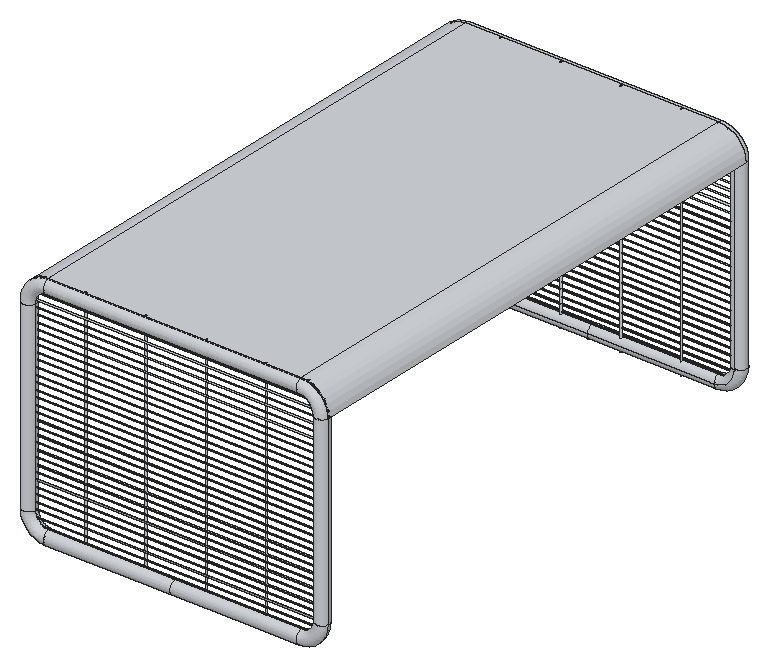
Revit family "48 X Cart_Attic (Tall) - 2012", category Generic Models, host Floor, Revit 2011
Parameters
  URL = "http://www.wengercorp.com/Home/Contact.html"
  Part Number = "240A024"
  Manufacturer = "Wenger Corporation"
  Length = 80.40684"
  Keynote = "Wenger Gear Boss Carts"
  Description = "48\" X Cart Attic (tall)"
  Attic Hieight [instance] = 35 5/8"
  Assembly Code = ""
Reference planes (in)
  plane 1 "Center (Front/Back)": y = 0
  plane 2: z = 0
  plane 3 "Center (Left/Right)": x = 0
  plane 4 "Top of Cart": z = 78.99185
  plane 5 "Top Of Attic": z = 114.61685
Forms (in)
  Extrusion 1, solid
    sketch origin (23.75, 0, 88.90699) x (0, -1, 0) y (0, 0, 1)
      loop
        line (38.94147, -7.71744) -> (38.7842, -7.75958) -> (38.89933, -7.8747) -> (38.94147, -7.71744)
    from 2.42735 to 45.5
  Extrusion 2, solid
    sketch origin (23.75, 0, 88.90699) x (0, -1, 0) y (0, 0, 1)
      loop
        line (38.94147, -6.71744) -> (38.7842, -6.75958) -> (38.89933, -6.8747) -> (38.94147, -6.71744)
    from 2.42735 to 45.5
  Extrusion 3, solid
    sketch origin (23.75, 0, 88.90699) x (0, -1, 0) y (0, 0, 1)
      loop
        line (38.94147, -5.71744) -> (38.7842, -5.75958) -> (38.89933, -5.8747) -> (38.94147, -5.71744)
    from 2.42735 to 45.5
  Extrusion 4, solid
    sketch origin (23.75, 0, 88.90699) x (0, -1, 0) y (0, 0, 1)
      loop
        line (38.94147, -4.71744) -> (38.7842, -4.75958) -> (38.89933, -4.8747) -> (38.94147, -4.71744)
    from 2.42735 to 45.5
  Extrusion 5, solid
    sketch origin (23.75, 0, 88.90699) x (0, -1, 0) y (0, 0, 1)
      loop
        line (38.94147, -3.71744) -> (38.7842, -3.75958) -> (38.89933, -3.8747) -> (38.94147, -3.71744)
    from 2.42735 to 45.5
  Extrusion 6, solid
    sketch origin (23.75, 0, 88.90699) x (0, -1, 0) y (0, 0, 1)
      loop
        line (38.94147, -2.71744) -> (38.7842, -2.75958) -> (38.89933, -2.8747) -> (38.94147, -2.71744)
    from 2.42735 to 45.5
  Extrusion 7, solid
    sketch origin (23.75, 0, 88.90699) x (0, -1, 0) y (0, 0, 1)
      loop
        line (38.94147, -1.71744) -> (38.7842, -1.75958) -> (38.89933, -1.8747) -> (38.94147, -1.71744)
    from 2.42735 to 45.5
  Extrusion 8, solid
    sketch origin (23.75, 0, 88.90699) x (0, -1, 0) y (0, 0, 1)
      loop
        line (38.94147, -0.71744) -> (38.7842, -0.75958) -> (38.89933, -0.8747) -> (38.94147, -0.71744)
    from 2.42735 to 45.5
  Extrusion 9, solid
    sketch origin (23.75, 0, 88.90699) x (0, -1, 0) y (0, 0, 1)
      loop
        line (38.94147, 0.28256) -> (38.7842, 0.24042) -> (38.89933, 0.1253) -> (38.94147, 0.28256)
    from 2.42735 to 45.5
  Extrusion 10, solid
    sketch origin (23.75, 0, 88.90699) x (0, -1, 0) y (0, 0, 1)
      loop
        line (38.94147, 1.28256) -> (38.7842, 1.24042) -> (38.89933, 1.1253) -> (38.94147, 1.28256)
    from 2.42735 to 45.5
  Extrusion 11, solid
    sketch origin (23.75, 0, 88.90699) x (0, -1, 0) y (0, 0, 1)
      loop
        line (38.94147, 2.28256) -> (38.7842, 2.24042) -> (38.89933, 2.1253) -> (38.94147, 2.28256)
    from 2.42735 to 45.5
  Extrusion 12, solid
    sketch origin (23.75, 0, 88.90699) x (0, -1, 0) y (0, 0, 1)
      loop
        line (38.94147, 3.28256) -> (38.7842, 3.24042) -> (38.89933, 3.1253) -> (38.94147, 3.28256)
    from 2.42735 to 45.5
  Extrusion 13, solid
    sketch origin (23.75, 0, 88.90699) x (0, -1, 0) y (0, 0, 1)
      loop
        line (38.94147, 4.28256) -> (38.7842, 4.24042) -> (38.89933, 4.1253) -> (38.94147, 4.28256)
    from 2.42735 to 45.5
  Extrusion 14, solid
    sketch origin (23.75, 0, 88.90699) x (0, -1, 0) y (0, 0, 1)
      loop
        line (38.94147, 5.28256) -> (38.7842, 5.24042) -> (38.89933, 5.1253) -> (38.94147, 5.28256)
    from 2.42735 to 45.5
  Extrusion 15, solid
    sketch origin (23.75, 0, 88.90699) x (0, -1, 0) y (0, 0, 1)
      loop
        line (38.94147, 6.28256) -> (38.7842, 6.24042) -> (38.89933, 6.1253) -> (38.94147, 6.28256)
    from 2.42735 to 45.5
  Extrusion 16, solid
    sketch origin (23.75, 0, 88.90699) x (0, -1, 0) y (0, 0, 1)
      loop
        line (38.94147, 7.28256) -> (38.7842, 7.24042) -> (38.89933, 7.1253) -> (38.94147, 7.28256)
    from 2.42735 to 45.5
  Extrusion 17, solid
    sketch origin (23.75, 0, 88.90699) x (0, -1, 0) y (0, 0, 1)
      loop
        line (38.94147, 8.28256) -> (38.7842, 8.24042) -> (38.89933, 8.1253) -> (38.94147, 8.28256)
    from 2.42735 to 45.5
  Extrusion 18, solid
    sketch origin (23.75, 0, 88.90699) x (0, -1, 0) y (0, 0, 1)
      loop
        line (38.94147, 9.28256) -> (38.7842, 9.24042) -> (38.89933, 9.1253) -> (38.94147, 9.28256)
    from 2.42735 to 45.5
  Extrusion 19, solid
    sketch origin (23.75, 0, 88.90699) x (0, -1, 0) y (0, 0, 1)
      loop
        line (38.94147, 10.28256) -> (38.7842, 10.24042) -> (38.89933, 10.1253) -> (38.94147, 10.28256)
    from 2.42735 to 45.5
  Extrusion 20, solid
    sketch origin (23.75, 0, 88.90699) x (0, -1, 0) y (0, 0, 1)
      loop
        line (38.94147, 11.28256) -> (38.7842, 11.24042) -> (38.89933, 11.1253) -> (38.94147, 11.28256)
    from 2.42735 to 45.5
  Extrusion 21, solid
    sketch origin (23.75, 0, 88.90699) x (0, -1, 0) y (0, 0, 1)
      loop
        line (38.94147, 12.28256) -> (38.7842, 12.24042) -> (38.89933, 12.1253) -> (38.94147, 12.28256)
    from 2.42735 to 45.5
  Extrusion 22, solid
    sketch origin (23.75, 0, 88.90699) x (0, -1, 0) y (0, 0, 1)
      loop
        line (38.94147, 13.28256) -> (38.7842, 13.24042) -> (38.89933, 13.1253) -> (38.94147, 13.28256)
    from 2.42735 to 45.5
  Extrusion 23, solid, not visible
    sketch origin (23.75, 0, 26.75059) x (0, 1, 0) y (0, 0, -1)
      loop
        line (-38.94147, 14.21803) -> (-38.7842, 14.26017) -> (-38.89933, 14.3753) -> (-38.94147, 14.21803)
    from 2.42735 to 45.5
  Extrusion 24, solid, not visible
    sketch origin (23.75, 0, 20.25) x (0, -1, 0) y (0, 0, 1)
      loop
        line (38.94147, -7.71744) -> (38.7842, -7.75958) -> (38.89933, -7.8747) -> (38.94147, -7.71744)
    from 2.42735 to 45.5
  Extrusion 25, solid, not visible
    sketch origin (23.75, 0, 20.25) x (0, -1, 0) y (0, 0, 1)
      loop
        line (38.94147, -6.71744) -> (38.7842, -6.75958) -> (38.89933, -6.8747) -> (38.94147, -6.71744)
    from 2.42735 to 45.5
  Extrusion 26, solid, not visible
    sketch origin (23.75, 0, 20.25) x (0, -1, 0) y (0, 0, 1)
      loop
        line (38.94147, -5.71744) -> (38.7842, -5.75958) -> (38.89933, -5.8747) -> (38.94147, -5.71744)
    from 2.42735 to 45.5
  Extrusion 27, solid, not visible
    sketch origin (23.75, 0, 20.25) x (0, -1, 0) y (0, 0, 1)
      loop
        line (38.94147, -4.71744) -> (38.7842, -4.75958) -> (38.89933, -4.8747) -> (38.94147, -4.71744)
    from 2.42735 to 45.5
  Extrusion 28, solid, not visible
    sketch origin (23.75, 0, 20.25) x (0, -1, 0) y (0, 0, 1)
      loop
        line (38.94147, -3.71744) -> (38.7842, -3.75958) -> (38.89933, -3.8747) -> (38.94147, -3.71744)
    from 2.42735 to 45.5
  Extrusion 29, solid, not visible
    sketch origin (23.75, 0, 20.25) x (0, -1, 0) y (0, 0, 1)
      loop
        line (38.94147, -2.71744) -> (38.7842, -2.75958) -> (38.89933, -2.8747) -> (38.94147, -2.71744)
    from 2.42735 to 45.5
  Extrusion 30, solid, not visible
    sketch origin (23.75, 0, 20.25) x (0, -1, 0) y (0, 0, 1)
      loop
        line (38.94147, -1.71744) -> (38.7842, -1.75958) -> (38.89933, -1.8747) -> (38.94147, -1.71744)
    from 2.42735 to 45.5
  Extrusion 31, solid, not visible
    sketch origin (23.75, 0, 20.25) x (0, -1, 0) y (0, 0, 1)
      loop
        line (38.94147, -0.71744) -> (38.7842, -0.75958) -> (38.89933, -0.8747) -> (38.94147, -0.71744)
    from 2.42735 to 45.5
  Extrusion 32, solid, not visible
    sketch origin (23.75, 0, 20.25) x (0, -1, 0) y (0, 0, 1)
      loop
        line (38.94147, 0.28256) -> (38.7842, 0.24042) -> (38.89933, 0.1253) -> (38.94147, 0.28256)
    from 2.42735 to 45.5
  Extrusion 33, solid, not visible
    sketch origin (23.75, 0, 20.25) x (0, -1, 0) y (0, 0, 1)
      loop
        line (38.94147, 1.28256) -> (38.7842, 1.24042) -> (38.89933, 1.1253) -> (38.94147, 1.28256)
    from 2.42735 to 45.5
  Extrusion 34, solid, not visible
    sketch origin (23.75, 0, 20.25) x (0, -1, 0) y (0, 0, 1)
      loop
        line (38.94147, 2.28256) -> (38.7842, 2.24042) -> (38.89933, 2.1253) -> (38.94147, 2.28256)
    from 2.42735 to 45.5
  Extrusion 35, solid, not visible
    sketch origin (23.75, 0, 20.25) x (0, -1, 0) y (0, 0, 1)
      loop
        line (38.94147, 3.28256) -> (38.7842, 3.24042) -> (38.89933, 3.1253) -> (38.94147, 3.28256)
    from 2.42735 to 45.5
  Extrusion 36, solid, not visible
    sketch origin (23.75, 0, 20.25) x (0, -1, 0) y (0, 0, 1)
      loop
        line (38.94147, 4.28256) -> (38.7842, 4.24042) -> (38.89933, 4.1253) -> (38.94147, 4.28256)
    from 2.42735 to 45.5
  Extrusion 37, solid, not visible
    sketch origin (23.75, 0, 20.25) x (0, -1, 0) y (0, 0, 1)
      loop
        line (38.94147, 5.28256) -> (38.7842, 5.24042) -> (38.89933, 5.1253) -> (38.94147, 5.28256)
    from 2.42735 to 45.5
  Extrusion 38, solid, not visible
    sketch origin (23.75, 0, 20.25) x (0, -1, 0) y (0, 0, 1)
      loop
        line (38.94147, 6.28256) -> (38.7842, 6.24042) -> (38.89933, 6.1253) -> (38.94147, 6.28256)
    from 2.42735 to 45.5
  Extrusion 39, solid, not visible
    sketch origin (23.75, 0, 20.25) x (0, -1, 0) y (0, 0, 1)
      loop
        line (38.94147, 7.28256) -> (38.7842, 7.24042) -> (38.89933, 7.1253) -> (38.94147, 7.28256)
    from 2.42735 to 45.5
  Extrusion 40, solid, not visible
    sketch origin (23.75, 0, 20.25) x (0, -1, 0) y (0, 0, 1)
      loop
        line (38.94147, 8.28256) -> (38.7842, 8.24042) -> (38.89933, 8.1253) -> (38.94147, 8.28256)
    from 2.42735 to 45.5
  Extrusion 41, solid, not visible
    sketch origin (23.75, 0, 20.25) x (0, -1, 0) y (0, 0, 1)
      loop
        line (38.94147, 9.28256) -> (38.7842, 9.24042) -> (38.89933, 9.1253) -> (38.94147, 9.28256)
    from 2.42735 to 45.5
  Extrusion 42, solid, not visible
    sketch origin (23.75, 0, 20.25) x (0, -1, 0) y (0, 0, 1)
      loop
        line (38.94147, 10.28256) -> (38.7842, 10.24042) -> (38.89933, 10.1253) -> (38.94147, 10.28256)
    from 2.42735 to 45.5
  Extrusion 43, solid, not visible
    sketch origin (23.75, 0, 20.25) x (0, -1, 0) y (0, 0, 1)
      loop
        line (38.94147, 11.28256) -> (38.7842, 11.24042) -> (38.89933, 11.1253) -> (38.94147, 11.28256)
    from 2.42735 to 45.5
  Extrusion 44, solid, not visible
    sketch origin (23.75, 0, 20.25) x (0, -1, 0) y (0, 0, 1)
      loop
        line (38.94147, 12.28256) -> (38.7842, 12.24042) -> (38.89933, 12.1253) -> (38.94147, 12.28256)
    from 2.42735 to 45.5
  Extrusion 45, solid, not visible
    sketch origin (23.75, 0, 20.25) x (0, -1, 0) y (0, 0, 1)
      loop
        line (38.94147, 13.28256) -> (38.7842, 13.24042) -> (38.89933, 13.1253) -> (38.94147, 13.28256)
    from 2.42735 to 45.5
  Extrusion 46, solid
    sketch origin (23.75, 0, 88.90625) x (0, -1, 0) y (0, 0, 1)
      loop
        line (-38.94147, -7.71744) -> (-38.89933, -7.8747) -> (-38.7842, -7.75958) -> (-38.94147, -7.71744)
    from 2.42735 to 45.5
  Extrusion 47, solid
    sketch origin (23.75, 0, 88.90625) x (0, -1, 0) y (0, 0, 1)
      loop
        line (-38.94147, -6.71744) -> (-38.89933, -6.8747) -> (-38.7842, -6.75958) -> (-38.94147, -6.71744)
    from 2.42735 to 45.5
  Extrusion 48, solid
    sketch origin (23.75, 0, 88.90625) x (0, -1, 0) y (0, 0, 1)
      loop
        line (-38.94147, -5.71744) -> (-38.89933, -5.8747) -> (-38.7842, -5.75958) -> (-38.94147, -5.71744)
    from 2.42735 to 45.5
  Extrusion 49, solid
    sketch origin (23.75, 0, 88.90625) x (0, -1, 0) y (0, 0, 1)
      loop
        line (-38.94147, -4.71744) -> (-38.89933, -4.8747) -> (-38.7842, -4.75958) -> (-38.94147, -4.71744)
    from 2.42735 to 45.5
  Extrusion 50, solid
    sketch origin (23.75, 0, 88.90625) x (0, -1, 0) y (0, 0, 1)
      loop
        line (-38.94147, -3.71744) -> (-38.89933, -3.8747) -> (-38.7842, -3.75958) -> (-38.94147, -3.71744)
    from 2.42735 to 45.5
  Extrusion 51, solid
    sketch origin (23.75, 0, 88.90625) x (0, -1, 0) y (0, 0, 1)
      loop
        line (-38.94147, -2.71744) -> (-38.89933, -2.8747) -> (-38.7842, -2.75958) -> (-38.94147, -2.71744)
    from 2.42735 to 45.5
  Extrusion 52, solid
    sketch origin (23.75, 0, 88.90625) x (0, -1, 0) y (0, 0, 1)
      loop
        line (-38.94147, -1.71744) -> (-38.89933, -1.8747) -> (-38.7842, -1.75958) -> (-38.94147, -1.71744)
    from 2.42735 to 45.5
  Extrusion 53, solid
    sketch origin (23.75, 0, 88.90625) x (0, -1, 0) y (0, 0, 1)
      loop
        line (-38.94147, -0.71744) -> (-38.89933, -0.8747) -> (-38.7842, -0.75958) -> (-38.94147, -0.71744)
    from 2.42735 to 45.5
  Extrusion 54, solid
    sketch origin (23.75, 0, 88.90625) x (0, -1, 0) y (0, 0, 1)
      loop
        line (-38.94147, 0.28256) -> (-38.89933, 0.1253) -> (-38.7842, 0.24042) -> (-38.94147, 0.28256)
    from 2.42735 to 45.5
  Extrusion 55, solid
    sketch origin (23.75, 0, 88.90625) x (0, -1, 0) y (0, 0, 1)
      loop
        line (-38.94147, 1.28256) -> (-38.89933, 1.1253) -> (-38.7842, 1.24042) -> (-38.94147, 1.28256)
    from 2.42735 to 45.5
  Extrusion 56, solid
    sketch origin (23.75, 0, 88.90625) x (0, -1, 0) y (0, 0, 1)
      loop
        line (-38.94147, 2.28256) -> (-38.89933, 2.1253) -> (-38.7842, 2.24042) -> (-38.94147, 2.28256)
    from 2.42735 to 45.5
  Extrusion 57, solid
    sketch origin (23.75, 0, 88.90625) x (0, -1, 0) y (0, 0, 1)
      loop
        line (-38.94147, 3.28256) -> (-38.89933, 3.1253) -> (-38.7842, 3.24042) -> (-38.94147, 3.28256)
    from 2.42735 to 45.5
  Extrusion 58, solid
    sketch origin (23.75, 0, 88.90625) x (0, -1, 0) y (0, 0, 1)
      loop
        line (-38.94147, 4.28256) -> (-38.89933, 4.1253) -> (-38.7842, 4.24042) -> (-38.94147, 4.28256)
    from 2.42735 to 45.5
  Extrusion 59, solid
    sketch origin (23.75, 0, 88.90625) x (0, -1, 0) y (0, 0, 1)
      loop
        line (-38.94147, 5.28256) -> (-38.89933, 5.1253) -> (-38.7842, 5.24042) -> (-38.94147, 5.28256)
    from 2.42735 to 45.5
  Extrusion 60, solid
    sketch origin (23.75, 0, 88.90625) x (0, -1, 0) y (0, 0, 1)
      loop
        line (-38.94147, 6.28256) -> (-38.89933, 6.1253) -> (-38.7842, 6.24042) -> (-38.94147, 6.28256)
    from 2.42735 to 45.5
  Extrusion 61, solid
    sketch origin (23.75, 0, 88.90625) x (0, -1, 0) y (0, 0, 1)
      loop
        line (-38.94147, 7.28256) -> (-38.89933, 7.1253) -> (-38.7842, 7.24042) -> (-38.94147, 7.28256)
    from 2.42735 to 45.5
  Extrusion 62, solid
    sketch origin (23.75, 0, 88.90625) x (0, -1, 0) y (0, 0, 1)
      loop
        line (-38.94147, 8.28256) -> (-38.89933, 8.1253) -> (-38.7842, 8.24042) -> (-38.94147, 8.28256)
    from 2.42735 to 45.5
  Extrusion 63, solid
    sketch origin (23.75, 0, 88.90625) x (0, -1, 0) y (0, 0, 1)
      loop
        line (-38.94147, 9.28256) -> (-38.89933, 9.1253) -> (-38.7842, 9.24042) -> (-38.94147, 9.28256)
    from 2.42735 to 45.5
  Extrusion 64, solid
    sketch origin (23.75, 0, 88.90625) x (0, -1, 0) y (0, 0, 1)
      loop
        line (-38.94147, 10.28256) -> (-38.89933, 10.1253) -> (-38.7842, 10.24042) -> (-38.94147, 10.28256)
    from 2.42735 to 45.5
  Extrusion 65, solid
    sketch origin (23.75, 0, 88.90625) x (0, -1, 0) y (0, 0, 1)
      loop
        line (-38.94147, 11.28256) -> (-38.89933, 11.1253) -> (-38.7842, 11.24042) -> (-38.94147, 11.28256)
    from 2.42735 to 45.5
  Extrusion 66, solid
    sketch origin (23.75, 0, 88.90625) x (0, -1, 0) y (0, 0, 1)
      loop
        line (-38.94147, 12.28256) -> (-38.89933, 12.1253) -> (-38.7842, 12.24042) -> (-38.94147, 12.28256)
    from 2.42735 to 45.5
  Extrusion 67, solid
    sketch origin (23.75, 0, 88.90625) x (0, -1, 0) y (0, 0, 1)
      loop
        line (-38.94147, 13.28256) -> (-38.89933, 13.1253) -> (-38.7842, 13.24042) -> (-38.94147, 13.28256)
    from 2.42735 to 45.5
  Extrusion 68, solid
    sketch origin (-21.6493, -33.97999, 7.49609) x (0, -1, 0) y (1, 0, 0)
      loop
        line (4.73095, 8.2243) -> (4.64435, 8.0743) -> (4.81755, 8.0743) -> (4.73095, 8.2243)
    from 71.49575 to 107.12075
  Extrusion 69, solid
    sketch origin (-12.6493, -33.97999, 7.49609) x (0, -1, 0) y (1, 0, 0)
      loop
        line (4.73095, 8.2243) -> (4.64435, 8.0743) -> (4.81755, 8.0743) -> (4.73095, 8.2243)
    from 71.49575 to 107.12075
  Extrusion 70, solid
    sketch origin (-3.6493, -33.97999, 7.49609) x (0, -1, 0) y (1, 0, 0)
      loop
        line (4.73095, 8.2243) -> (4.64435, 8.0743) -> (4.81755, 8.0743) -> (4.73095, 8.2243)
    from 71.49575 to 107.12075
  Extrusion 71, solid
    sketch origin (5.3507, -33.97999, 7.49609) x (0, -1, 0) y (1, 0, 0)
      loop
        line (4.73095, 8.2243) -> (4.64435, 8.0743) -> (4.81755, 8.0743) -> (4.73095, 8.2243)
    from 71.49575 to 107.12075
  Extrusion 72, solid, not visible
    sketch origin (-21.6243, -33.97999, 7.49609) x (0, -1, 0) y (1, 0, 0)
      loop
        line (4.73095, 8.2243) -> (4.64435, 8.0743) -> (4.81755, 8.0743) -> (4.73095, 8.2243)
    from 71.49575 to 107.12075
  Extrusion 73, solid
    sketch origin (-21.6493, -33.97999, 7.49609) x (0, -1, 0) y (1, 0, 0)
      loop
        line (-72.69092, 8.2243) -> (-72.77753, 8.0743) -> (-72.60432, 8.0743) -> (-72.69092, 8.2243)
    from 71.49575 to 107.12075
  Extrusion 74, solid
    sketch origin (-12.6493, -33.97999, 7.49609) x (0, -1, 0) y (1, 0, 0)
      loop
        line (-72.69092, 8.2243) -> (-72.77753, 8.0743) -> (-72.60432, 8.0743) -> (-72.69092, 8.2243)
    from 71.49575 to 107.12075
  Extrusion 75, solid
    sketch origin (-3.6493, -33.97999, 7.49609) x (0, -1, 0) y (1, 0, 0)
      loop
        line (-72.69092, 8.2243) -> (-72.77753, 8.0743) -> (-72.60432, 8.0743) -> (-72.69092, 8.2243)
    from 71.49575 to 107.12075
  Extrusion 76, solid
    sketch origin (5.3507, -33.97999, 7.49609) x (0, -1, 0) y (1, 0, 0)
      loop
        line (-72.69092, 8.2243) -> (-72.77753, 8.0743) -> (-72.60432, 8.0743) -> (-72.69092, 8.2243)
    from 71.49575 to 107.12075
  Sweep 77, solid
    path origin (-23.75, -39, 7.49609) x (0, 0, 1) y (-1, 0, 0)
      loop
        line (71.49575, -23.75) -> (71.49575, -42.625)
        arc (71.49575, -42.625) -> (72.66732, -45.45343) -> (75.49575, -46.625) r 4
        line (75.49575, -46.625) -> (103.12075, -46.625)
        arc (103.12075, -46.625) -> (105.94918, -45.45343) -> (107.12075, -42.625) r 4
        line (107.12075, -42.625) -> (107.12075, -4.875)
        arc (107.12075, -4.875) -> (105.94918, -2.04657) -> (103.12075, -0.875) r 4
        line (103.12075, -0.875) -> (75.49575, -0.875)
        arc (75.49575, -0.875) -> (72.66732, -2.04657) -> (71.49575, -4.875) r 4
        line (71.49575, -4.875) -> (71.49575, -23.75)
    profile origin (-9.4375, -39, 78.99185) x (0, 0, -1) y (0, -1, 0)
      loop
        circle (-1, -0.13197) r 1
  Sweep 78, solid
    path origin (-23.75, 39.25, 7.49609) x (0, 0, 1) y (1, 0, 0)
      loop
        line (71.49575, 23.75) -> (71.49575, 4.875)
        arc (71.49575, 4.875) -> (72.66732, 2.04657) -> (75.49575, 0.875) r 4
        line (75.49575, 0.875) -> (103.12075, 0.875)
        arc (103.12075, 0.875) -> (105.94918, 2.04657) -> (107.12075, 4.875) r 4
        line (107.12075, 4.875) -> (107.12075, 42.625)
        arc (107.12075, 42.625) -> (105.94918, 45.45343) -> (103.12075, 46.625) r 4
        line (103.12075, 46.625) -> (75.49575, 46.625)
        arc (75.49575, 46.625) -> (72.66732, 45.45343) -> (71.49575, 42.625) r 4
        line (71.49575, 42.625) -> (71.49575, 23.75)
    profile origin (-9.4375, 39.25, 78.99185) x (0, 0, 1) y (0, 1, 0)
      loop
        circle (1, -0.13197) r 1
  Extrusion 79, solid
    sketch origin (-23.75, -39, 7.49609) x (0, 0, 1) y (-1, 0, 0)
      loop
        line (107.12075, -42.625) -> (107.12075, -4.875)
        arc (107.12075, -4.875) -> (105.94918, -2.04657) -> (103.12075, -0.875) r 4
        line (103.12075, -0.875) -> (103.12075, -1.125)
        arc (103.12075, -1.125) -> (105.7724, -2.22335) -> (106.87075, -4.875) r 3.75
        line (106.87075, -4.875) -> (106.87075, -42.625)
        arc (106.87075, -42.625) -> (105.7724, -45.27665) -> (103.12075, -46.375) r 3.75
        line (103.12075, -46.375) -> (103.12075, -46.625)
        arc (103.12075, -46.625) -> (105.94918, -45.45343) -> (107.12075, -42.625) r 4
    from 0 to -78
  Extrusion 80, solid, not visible
    sketch origin (-21.6493, -33.97999, 7.49609) x (0, -1, 0) y (1, 0, 0)
      loop
        line (4.73095, 8.2243) -> (4.64435, 8.0743) -> (4.81755, 8.0743) -> (4.73095, 8.2243)
    from 71.49575 to 107.12075
  Extrusion 81, solid, not visible
    sketch origin (-12.6493, -33.97999, 7.49609) x (0, -1, 0) y (1, 0, 0)
      loop
        line (4.73095, 8.2243) -> (4.64435, 8.0743) -> (4.81755, 8.0743) -> (4.73095, 8.2243)
    from 71.49575 to 107.12075
  Extrusion 82, solid, not visible
    sketch origin (-3.6493, -33.97999, 7.49609) x (0, -1, 0) y (1, 0, 0)
      loop
        line (4.73095, 8.2243) -> (4.64435, 8.0743) -> (4.81755, 8.0743) -> (4.73095, 8.2243)
    from 71.49575 to 107.12075
  Extrusion 83, solid, not visible
    sketch origin (5.3507, -33.97999, 7.49609) x (0, -1, 0) y (1, 0, 0)
      loop
        line (4.73095, 8.2243) -> (4.64435, 8.0743) -> (4.81755, 8.0743) -> (4.73095, 8.2243)
    from 71.49575 to 107.12075
  Extrusion 84, solid
    sketch origin (23.75, 0, 98.90699) x (0, -1, 0) y (0, 0, 1)
      loop
        line (38.94147, 14.21803) -> (38.89933, 14.3753) -> (38.7842, 14.26017) -> (38.94147, 14.21803)
    from 2.42735 to 45.5
  Extrusion 85, solid
    sketch origin (23.75, 0, 97.90699) x (0, -1, 0) y (0, 0, 1)
      loop
        line (38.94147, 14.21803) -> (38.89933, 14.3753) -> (38.7842, 14.26017) -> (38.94147, 14.21803)
    from 2.42735 to 45.5
  Extrusion 86, solid
    sketch origin (23.75, 0, 96.90699) x (0, -1, 0) y (0, 0, 1)
      loop
        line (38.94147, 14.21803) -> (38.89933, 14.3753) -> (38.7842, 14.26017) -> (38.94147, 14.21803)
    from 2.42735 to 45.5
  Extrusion 87, solid
    sketch origin (23.75, 0, 95.90699) x (0, -1, 0) y (0, 0, 1)
      loop
        line (38.94147, 14.21803) -> (38.89933, 14.3753) -> (38.7842, 14.26017) -> (38.94147, 14.21803)
    from 2.42735 to 45.5
  Extrusion 88, solid
    sketch origin (23.75, 0, 94.90699) x (0, -1, 0) y (0, 0, 1)
      loop
        line (38.94147, 14.21803) -> (38.89933, 14.3753) -> (38.7842, 14.26017) -> (38.94147, 14.21803)
    from 2.42735 to 45.5
  Extrusion 89, solid
    sketch origin (23.75, 0, 93.90699) x (0, -1, 0) y (0, 0, 1)
      loop
        line (38.94147, 14.21803) -> (38.89933, 14.3753) -> (38.7842, 14.26017) -> (38.94147, 14.21803)
    from 2.42735 to 45.5
  Extrusion 90, solid
    sketch origin (23.75, 0, 92.90699) x (0, -1, 0) y (0, 0, 1)
      loop
        line (38.94147, 14.21803) -> (38.89933, 14.3753) -> (38.7842, 14.26017) -> (38.94147, 14.21803)
    from 2.42735 to 45.5
  Extrusion 91, solid
    sketch origin (23.75, 0, 91.90699) x (0, -1, 0) y (0, 0, 1)
      loop
        line (38.94147, 14.21803) -> (38.89933, 14.3753) -> (38.7842, 14.26017) -> (38.94147, 14.21803)
    from 2.42735 to 45.5
  Extrusion 92, solid
    sketch origin (23.75, 0, 90.90699) x (0, -1, 0) y (0, 0, 1)
      loop
        line (38.94147, 14.21803) -> (38.89933, 14.3753) -> (38.7842, 14.26017) -> (38.94147, 14.21803)
    from 2.42735 to 45.5
  Extrusion 93, solid
    sketch origin (23.75, 0, 89.90699) x (0, -1, 0) y (0, 0, 1)
      loop
        line (38.94147, 14.21803) -> (38.89933, 14.3753) -> (38.7842, 14.26017) -> (38.94147, 14.21803)
    from 2.42735 to 45.5
  Extrusion 94, solid
    sketch origin (23.75, 0, 88.90699) x (0, -1, 0) y (0, 0, 1)
      loop
        line (38.94147, 14.21803) -> (38.89933, 14.3753) -> (38.7842, 14.26017) -> (38.94147, 14.21803)
    from 2.42735 to 45.5
  Extrusion 95, solid, not visible
    sketch origin (23.75, 0, 30.25) x (0, -1, 0) y (0, 0, 1)
      loop
        line (38.94147, 14.21803) -> (38.89933, 14.3753) -> (38.7842, 14.26017) -> (38.94147, 14.21803)
    from 2.42735 to 45.5
  Extrusion 96, solid, not visible
    sketch origin (23.75, 0, 29.25) x (0, -1, 0) y (0, 0, 1)
      loop
        line (38.94147, 14.21803) -> (38.89933, 14.3753) -> (38.7842, 14.26017) -> (38.94147, 14.21803)
    from 2.42735 to 45.5
  Extrusion 97, solid, not visible
    sketch origin (23.75, 0, 28.25) x (0, -1, 0) y (0, 0, 1)
      loop
        line (38.94147, 14.21803) -> (38.89933, 14.3753) -> (38.7842, 14.26017) -> (38.94147, 14.21803)
    from 2.42735 to 45.5
  Extrusion 98, solid, not visible
    sketch origin (23.75, 0, 27.25) x (0, -1, 0) y (0, 0, 1)
      loop
        line (38.94147, 14.21803) -> (38.89933, 14.3753) -> (38.7842, 14.26017) -> (38.94147, 14.21803)
    from 2.42735 to 45.5
  Extrusion 99, solid, not visible
    sketch origin (23.75, 0, 26.25) x (0, -1, 0) y (0, 0, 1)
      loop
        line (38.94147, 14.21803) -> (38.89933, 14.3753) -> (38.7842, 14.26017) -> (38.94147, 14.21803)
    from 2.42735 to 45.5
  Extrusion 100, solid, not visible
    sketch origin (23.75, 0, 25.25) x (0, -1, 0) y (0, 0, 1)
      loop
        line (38.94147, 14.21803) -> (38.89933, 14.3753) -> (38.7842, 14.26017) -> (38.94147, 14.21803)
    from 2.42735 to 45.5
  Extrusion 101, solid, not visible
    sketch origin (23.75, 0, 24.25) x (0, -1, 0) y (0, 0, 1)
      loop
        line (38.94147, 14.21803) -> (38.89933, 14.3753) -> (38.7842, 14.26017) -> (38.94147, 14.21803)
    from 2.42735 to 45.5
  Extrusion 102, solid, not visible
    sketch origin (23.75, 0, 23.25) x (0, -1, 0) y (0, 0, 1)
      loop
        line (38.94147, 14.21803) -> (38.89933, 14.3753) -> (38.7842, 14.26017) -> (38.94147, 14.21803)
    from 2.42735 to 45.5
  Extrusion 103, solid, not visible
    sketch origin (23.75, 0, 22.25) x (0, -1, 0) y (0, 0, 1)
      loop
        line (38.94147, 14.21803) -> (38.89933, 14.3753) -> (38.7842, 14.26017) -> (38.94147, 14.21803)
    from 2.42735 to 45.5
  Extrusion 104, solid, not visible
    sketch origin (23.75, 0, 21.25) x (0, -1, 0) y (0, 0, 1)
      loop
        line (38.94147, 14.21803) -> (38.89933, 14.3753) -> (38.7842, 14.26017) -> (38.94147, 14.21803)
    from 2.42735 to 45.5
  Extrusion 105, solid, not visible
    sketch origin (23.75, 0, 20.25) x (0, -1, 0) y (0, 0, 1)
      loop
        line (38.94147, 14.21803) -> (38.89933, 14.3753) -> (38.7842, 14.26017) -> (38.94147, 14.21803)
    from 2.42735 to 45.5
  Extrusion 106, solid
    sketch origin (23.75, 0, 98.90625) x (0, -1, 0) y (0, 0, 1)
      loop
        line (-38.94147, 14.21803) -> (-38.7842, 14.26017) -> (-38.89933, 14.3753) -> (-38.94147, 14.21803)
    from 2.42735 to 45.5
  Extrusion 107, solid
    sketch origin (23.75, 0, 97.90625) x (0, -1, 0) y (0, 0, 1)
      loop
        line (-38.94147, 14.21803) -> (-38.7842, 14.26017) -> (-38.89933, 14.3753) -> (-38.94147, 14.21803)
    from 2.42735 to 45.5
  Extrusion 108, solid
    sketch origin (23.75, 0, 96.90625) x (0, -1, 0) y (0, 0, 1)
      loop
        line (-38.94147, 14.21803) -> (-38.7842, 14.26017) -> (-38.89933, 14.3753) -> (-38.94147, 14.21803)
    from 2.42735 to 45.5
  Extrusion 109, solid
    sketch origin (23.75, 0, 95.90625) x (0, -1, 0) y (0, 0, 1)
      loop
        line (-38.94147, 14.21803) -> (-38.7842, 14.26017) -> (-38.89933, 14.3753) -> (-38.94147, 14.21803)
    from 2.42735 to 45.5
  Extrusion 110, solid
    sketch origin (23.75, 0, 94.90625) x (0, -1, 0) y (0, 0, 1)
      loop
        line (-38.94147, 14.21803) -> (-38.7842, 14.26017) -> (-38.89933, 14.3753) -> (-38.94147, 14.21803)
    from 2.42735 to 45.5
  Extrusion 111, solid
    sketch origin (23.75, 0, 93.90625) x (0, -1, 0) y (0, 0, 1)
      loop
        line (-38.94147, 14.21803) -> (-38.7842, 14.26017) -> (-38.89933, 14.3753) -> (-38.94147, 14.21803)
    from 2.42735 to 45.5
  Extrusion 112, solid
    sketch origin (23.75, 0, 92.90625) x (0, -1, 0) y (0, 0, 1)
      loop
        line (-38.94147, 14.21803) -> (-38.7842, 14.26017) -> (-38.89933, 14.3753) -> (-38.94147, 14.21803)
    from 2.42735 to 45.5
  Extrusion 113, solid
    sketch origin (23.75, 0, 91.90625) x (0, -1, 0) y (0, 0, 1)
      loop
        line (-38.94147, 14.21803) -> (-38.7842, 14.26017) -> (-38.89933, 14.3753) -> (-38.94147, 14.21803)
    from 2.42735 to 45.5
  Extrusion 114, solid
    sketch origin (23.75, 0, 90.90625) x (0, -1, 0) y (0, 0, 1)
      loop
        line (-38.94147, 14.21803) -> (-38.7842, 14.26017) -> (-38.89933, 14.3753) -> (-38.94147, 14.21803)
    from 2.42735 to 45.5
  Extrusion 115, solid
    sketch origin (23.75, 0, 89.90625) x (0, -1, 0) y (0, 0, 1)
      loop
        line (-38.94147, 14.21803) -> (-38.7842, 14.26017) -> (-38.89933, 14.3753) -> (-38.94147, 14.21803)
    from 2.42735 to 45.5
  Extrusion 116, solid
    sketch origin (23.75, 0, 88.90625) x (0, -1, 0) y (0, 0, 1)
      loop
        line (-38.94147, 14.21803) -> (-38.7842, 14.26017) -> (-38.89933, 14.3753) -> (-38.94147, 14.21803)
    from 2.42735 to 45.5
Lines and regions (in)
  model lines
    curve 1: line (-18.875, 39, 114.61685) -> (-18.875, -39, 114.61685)
    curve 2: line (18.875, -39, 114.61685) -> (18.875, 39, 114.61685)
Dimensions and locks (in)
  equal spacing: host sketch curve, plane 1 "Center (Front/Back)", host sketch curve
  equal spacing: host sketch curve, plane 3 "Center (Left/Right)", host sketch curve
  host sketch curve to host sketch curve = 120"  (x2)
  "Attic Hieight": plane 5 "Top Of Attic" to plane 4 "Top of Cart"
  locked: plane 4 "Top of Cart" to level at 78.99185
  aligned and locked: level to plane 2
  aligned and locked: plane 5 "Top Of Attic" to Sweep 77 sketch curve
  aligned and locked: Sweep 77 sketch curve to plane 4 "Top of Cart"
  aligned and locked: Sweep 78 sketch curve to plane 5 "Top Of Attic"
  aligned and locked: plane 4 "Top of Cart" to Sweep 78 sketch curve
  aligned and locked: Extrusion 79 sketch curve to plane 5 "Top Of Attic"
  aligned and locked: Extrusion 68 to plane 5 "Top Of Attic"
  aligned and locked: Extrusion 68 to plane 4 "Top of Cart"
Automatic sketch dimensions
  Sweep 77 sketch curve to profile plane = 0.13197"
  profile plane to Sweep 77 sketch curve = 1"
  Sweep 78 sketch curve to profile plane = 0.13197"
  Sweep 78 sketch curve to profile plane = 1"
  Sweep 77 sketch curve to Sweep 77 sketch curve = 4"  (x2)
  Sweep 77 sketch curve to Sweep 77 sketch curve = 27 5/8"
  Sweep 77 sketch curve to Sweep 77 sketch curve = 18 7/8"
  Sweep 78 sketch curve to plane 3 "Center (Left/Right)" = 0"
  Sweep 78 sketch curve to Sweep 78 sketch curve = 4"
  plane 4 "Top of Cart" to Sweep 78 sketch curve = 4"
  plane 5 "Top Of Attic" to Sweep 78 sketch curve = 4"  (x2)
  Sweep 78 sketch curve to Sweep 78 sketch curve = 18 7/8"
  plane 3 "Center (Left/Right)" to Sweep 78 sketch curve = 18 7/8"
  Extrusion 79 sketch curve to Extrusion 79 sketch curve = 0"  (x4)
  Extrusion 79 sketch curve to Extrusion 79 sketch curve = 1/4"
  Extrusion 79 sketch curve to Extrusion 79 sketch curve = 3 3/4"  (x2)
  plane 3 "Center (Left/Right)" to curve 2 = 18 7/8"
  curve 2 to plane 1 "Center (Front/Back)" = 39"
  curve 1 to plane 3 "Center (Left/Right)" = 18 7/8"
  curve 1 to curve 2 = 0"  (x2)
  plane 1 "Center (Front/Back)" to curve 2 = 39"
  Sweep 77 sketch curve to plane 3 "Center (Left/Right)" = 0"
  plane 4 "Top of Cart" to Sweep 77 sketch curve = 4"
  Sweep 77 sketch curve to plane 3 "Center (Left/Right)" = 18 7/8"
  plane 3 "Center (Left/Right)" to Extrusion 79 sketch curve = 22 7/8"
  Extrusion 79 sketch curve to plane 3 "Center (Left/Right)" = 18 7/8"
  radius of Sweep 77 sketch curve = 1"
  radius of Sweep 78 sketch curve = 1"
Nested families (in)
  nested 1: "Label Annotation 1-8" at (0, -25.42105, 0), type "Label Annotation 1-8", detail levels medium+fine
Definition of nested family "Label Annotation 1-8"
  Parameters (values of type "Label Annotation 1-8")
    Label = "X Cart 32 With Attic (Short)"
  Reference planes (in)
    plane 1: y = 0
    plane 2: x = 0
  Text (in)
    label "Label" at (0.00375, -0.00345, 0), shows "Label"
